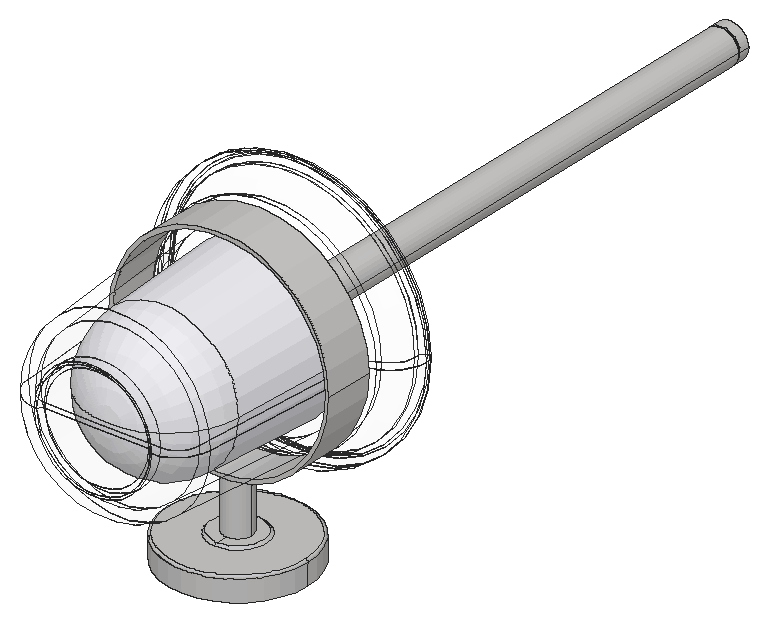
Revit family "PRD_FrankeWS_TltBrshHldrs_MEDIUSToiletBrushHolder_MEDX005HP", category Specialty Equipment, host Face, Revit 2018
Family settings
  Host = Face
  Round Connector Dimension = Use Diameter
  Part Type = Normal
  OmniClass Number = 23.40.20.21
  OmniClass Title = Toilet and Bath Specialties
  Cut with Voids When Loaded = No
  Shared = No
  Room Calculation Point = No
Parameters (values of type "MEDX005HP")
  WarrantyStartDate [instance] = "1900-12-31T23:59:59"
  WarrantyGuarantorParts = "n/a"
  WarrantyGuarantorLabor = "n/a"
  WarrantyDurationUnit = "year"
  WarrantyDurationParts = "n/a"
  WarrantyDurationLabor = "n/a"
  WarrantyDescription = "n/a"
  Version = "1"
  Uniclass2015Version = "Products v1.17"
  Uniclass2015Title = "Toilet brush holders"
  Uniclass2015Code = "Pr_40_20_76_86"
  URL = "www.kwc.com"
  TypeOfMounting = "Wall mounting"
  TypeOfFixing = "Screw"
  TypeOfBrush = "Nylon"
  TagNumber [instance] = "n/a"
  SustainabilityPerformance = "n/a"
  Style = "Brush holder"
  Size = "115 x 340 x 140 mm"
  Shape = "n/a"
  SerialNumber [instance] = "n/a"
  Revision = "n/a"
  ReplacementCost = "n/a"
  ProductInformation = "https://pim.kwc.com/product/2000106249/attachment/datasheet?locale=en"
  NominalWidth = 115.00 mm
  NominalHeight = 340.00 mm
  NominalDepth = 140.00 mm
  NetWeight = 0.61 kg
  Name = "Toilet Brush Holder MEDX005HP"
  NBSTypeID = "n/a"
  NBSReference = "45-35-72/364"
  NBSOfficeMasterTag = "n/a"
  NBSNote = "n/a"
  NBSDescription = "Toilet brush holders"
  NBSCertification = "n/a"
  ModelReference = "MEDX005HP"
  ModelNumber = "2000106249"
  Model = ModelReference  # "MEDX005HP"
  MaterialCode = "1.4301"
  Material = "stainless steel"
  ManufacturerURL = "www.kwc.com"
  ManufacturerName = "KWC Group AG"  # constant formula
  Manufacturer = ManufacturerName  # "KWC Group AG"
  MainColor = "stainless steel"
  IsBuiltIn = "TRUE"
  IntegralAccessories = "incl. stainless steel screws and dowels"
  InstallationDate [instance] = "1900-12-31T23:59:59"
  IfcExportType = "USERDEFINED"
  IfcExportAs = "IfcFurnitureType"
  HolderMaterial = PRD_FrankeWS_StainlessSteel_HighPolished
  HandleMaterial = PRD_FrankeWS_StainlessSteel_HighPolished
  GrossWeight = 0.92 kg
  Grade = "n/a"
  Finish = "high polished"
  Features = "stainless steel, surface high polished"
  ExpectedLife = "n/a"
  DurationUnit = "year"
  Description = "Toilet brush holder for wall mounting, 304 stainless steel handle with nylon brush, glass cup, round covers to conceal the fixing of screws, inclusive stainless steel screws and dowels."
  Default Elevation = 100.00 mm
  CupMaterial = PRD_FrankeWS_FrostedGlass
  CreateOn = "05/2020"  # constant formula
  Constituents = "n/a"
  Color = "n/a"
  CodePerformance = "n/a"
  Category = "Pr_40_20_76_86, Toilet brush holders"
  BrushMaterial = PRD_FrankeWS_ToiletBrush
  BrushColour = "White"
  BarCode [instance] = "n/a"
  BIMObjectName = "PRD_AR_ToiletBrushHolders_MEDIUSToiletBrushHolder_MEDX005HP"
  Author = "Archispace"  # constant formula
  AssetType = "Fixed"
  AssetIdentifier [instance] = "n/a"
  AccessibilityPerformance = "n/a"
Reference planes
  plane 1 "Center (Front/Back)": y = 0
  plane 2: z = 0
  plane 3 "Center (Left/Right)": x = 0
  plane 4: y = 27
  plane 5: y = -27
  plane 6: z = 82.5
Forms (mm)
  Extrusion 1, solid, material "PRD_FrankeWS_StainlessSteel_HighPolished" <- "HolderMaterial", detail levels fine
    sketch origin (273, 0, 0) x (1, 0, 0) y (0, 1, 0)
      loop
        circle (-273, 0) r 30
    from 0 to 10
  Extrusion 2, solid, material "PRD_FrankeWS_StainlessSteel_HighPolished" <- "HolderMaterial", detail levels medium
    sketch origin (273, 0, 0) x (1, 0, 0) y (0, 1, 0)
      loop
        circle (-273, 0) r 30
    from 0 to 10
  Extrusion 3, solid, material "PRD_FrankeWS_StainlessSteel_HighPolished" <- "HandleMaterial", detail levels fine
    sketch origin (0, 0, 0) x (1, 0, 0) y (0, 0, 1)
      loop
        circle (0, 82.5) r 47
      loop
        circle (0, 82.5) r 45.5
    from 10 to -11
  Revolve 4, solid, material "PRD_FrankeWS_StainlessSteel_HighPolished" <- "HolderMaterial", detail levels fine
    sketch origin (-60, 12.5, 82.5) x (1, 0, 0) y (0, 1, 0)
      loop
        line (52.5, 10) -> (46, 10) -> (46, 0) -> (60, 0) -> (60, 250.5) -> (52.5, 250.5) -> (52.5, 246) -> (53.3, 246) -> (53.3, 245) -> (52.5, 245) -> (52.5, 10)
      axis (60, 250.5) -> (60, 0)
    angle from 0 to 360
  Revolve 5, solid, material "PRD_FrankeWS_ToiletBrush" <- "BrushMaterial", detail levels fine
    sketch origin (-60, 12.5, 82.5) x (1, 0, 0) y (0, 1, 0)
      loop
        line (25.24, 0) -> (27.965, -52)
        arc (27.965, -52) -> (37.919, -73.59) -> (60, -82.4) r 32.079
        line (60, -82.4) -> (60, 0) -> (25.24, 0)
      axis (60, 0) -> (60, -82.4)
    angle from 0 to 360
  Sweep 6, void
    path in 3D
      loop
        arc (-30, 0, 10) -> (0, 30, 10) -> (30, 0, 10) r 30
        arc (30, 0, 10) -> (0, -30, 10) -> (-30, 0, 10) r 30
    profile origin (0, -30, 10) x (0, -1, 0) y (0, 0, 1)
      loop
        line (0, 0) -> (-1, 0)
        arc (-1, 0) -> (-0.293, -0.293) -> (0, -1) r 1
        line (0, -1) -> (0, 0)
  Extrusion 7, solid, material "PRD_FrankeWS_StainlessSteel_HighPolished" <- "HandleMaterial", detail levels fine
    sketch origin (0, 0, 0) x (1, 0, 0) y (0, 1, 0)
      loop
        circle (0, 0) r 6
    from 11 to 36.591
  Revolve 8, solid, material "PRD_FrankeWS_FrostedGlass" <- "CupMaterial", detail levels fine
    sketch origin (0, 0, 82.5) x (1, 0, 0) y (0, 1, 0)
      loop
        arc (-24, -77) -> (-23.414, -75.586) -> (-22, -75) r 2
        line (-22, -75) -> (0, -75) -> (0, -72) -> (-24.807, -72)
        arc (-24.807, -72) -> (-31.136, -69.024) -> (-34.012, -62.65) r 10.095
        line (-34.012, -62.65) -> (-39.173, 10.792)
        arc (-39.173, 10.792) -> (-41.187, 16.142) -> (-45.802, 19.514) r 10
        arc (-45.802, 19.514) -> (-50.657, 23.194) -> (-52.5, 29) r 10.066
        line (-52.5, 29) -> (-52.5, 31)
        arc (-52.5, 31) -> (-53.086, 32.414) -> (-54.5, 33) r 2
        line (-54.5, 33) -> (-55.5, 33)
        arc (-55.5, 33) -> (-56.914, 32.414) -> (-57.5, 31) r 2
        line (-57.5, 31) -> (-57.5, 29)
        arc (-57.5, 29) -> (-54.741, 20.31) -> (-47.475, 14.803) r 15.066
        arc (-47.475, 14.803) -> (-45.168, 13.116) -> (-44.161, 10.441) r 5
        line (-44.161, 10.441) -> (-39, -63)
        arc (-39, -63) -> (-34.616, -72.616) -> (-25, -77) r 15.095
        line (-25, -77) -> (-24, -77)
      axis (0, 33) -> (0, -77)
    angle from 0 to 360
  Extrusion 9, solid, material "PRD_FrankeWS_StainlessSteel_HighPolished" <- "HandleMaterial", detail levels medium
    sketch origin (0, 0, 0) x (1, 0, 0) y (0, 1, 0)
      loop
        circle (0, 0) r 6
    from 10 to 25.5
  Sweep 10, solid, material "PRD_FrankeWS_FrostedGlass" <- "CupMaterial", detail levels medium
    path origin (0, 0, 0) x (0, 1, 0) y (0, 0, 1)
      loop
        line (33, 82.5) -> (-77, 82.5)
    profile origin (0, -22, 82.5) x (0, 0, -1) y (1, 0, 0)
      loop
        circle (0, 0) r 57.5
  Revolve 11, solid, material "PRD_FrankeWS_StainlessSteel_HighPolished" <- "HolderMaterial", detail levels coarse+medium
    sketch origin (-60, 12.5, 82.5) x (1, 0, 0) y (0, 1, 0)
      loop
        line (52.5, 20.5) -> (60, 20.5) -> (60, 250.5) -> (52.5, 250.5) -> (52.5, 20.5)
      axis (60, 250.5) -> (60, 20.5)
    angle from 0 to 360
  Extrusion 12, solid, material "PRD_FrankeWS_StainlessSteel_HighPolished" <- "HolderMaterial", detail levels coarse
    sketch origin (0, 0, 0) x (1, 0, 0) y (0, 0, 1)
      loop
        line (-57.5, 82.5) -> (-57.5, 0) -> (57.5, 0) -> (57.5, 82.5)
        arc (57.5, 82.5) -> (0, 140) -> (-57.5, 82.5) r 57.5
    from -33 to 77
  Revolve 13, solid, material "PRD_FrankeWS_StainlessSteel_HighPolished" <- "HolderMaterial", detail levels fine
    sketch origin (0, 0, 0) x (0, 1, 0) y (0, 0, 1)
      loop
        line (0, 10) -> (12, 10) -> (11, 11) -> (0, 11) -> (0, 10)
      axis (0, 11) -> (0, 10)
    angle from 0 to 360
Cuts and joins
  Sweep 6 cuts Extrusion 1
  joined: Extrusion 3, Extrusion 7
Lines and regions (mm)
  sketch lines
    curve 1: arc (30, 0, 10) -> (0, -30, 10) -> (-30, 0, 10) r 30
    curve 2: arc (-30, 0, 10) -> (0, 30, 10) -> (30, 0, 10) r 30
Dimensions and locks
  plane 1 "Center (Front/Back)" to plane 5 = 27.00 mm
  plane 1 "Center (Front/Back)" to plane 4 = 27.00 mm
  aligned and locked: plane 2 to host face
  aligned and locked: level to host face
